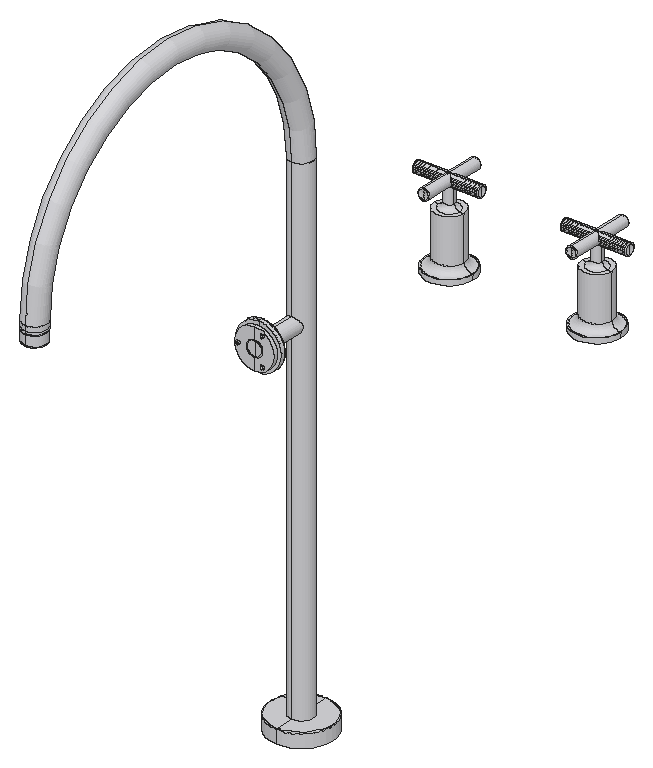
Revit family "Faucet-Bath_Filler-KOHLER-LAMINAR-K-14403T_1", category Plumbing Fixtures, host Face, Revit 2017
Family settings
  Host = Face
  Round Connector Dimension = Use Diameter
  Part Type = Normal
  OmniClass Number = 23.31.11.00
  OmniClass Title = Faucets
  Cut with Voids When Loaded = No
  Shared = No
  Room Calculation Point = No
Parameters (values of type "Cross Handle, CP-Polished Chrome")
  Width [instance] = Faucet To Handle Distance  # 12"
  WaterSense Certified = 1 = 0  # no
  Waste Water Outlet = "Waste Water Outlet"  # constant formula
  Waste Connection = 1 = 0  # no
  Vent Connection = 1 = 0  # no
  URL = "http://www.kohler.com.cn/"
  Type = 1
  Spout Reach = 18 1/32"  # constant formula
  Product Page URL = "https://www.kohler.com.cn/product/K-14403T-3-CP/K-14403T-3-CP/"
  Product Name = "LAMINAR"  # constant formula
  Product Documentation Link = "https://files.kohler.com.cn/pdfs/1535707264624_14401%2014403T.pdf"
  Pressure = 0.00 psi
  Model = if(Type = 1, "K-14403T-3-CP", if(Type = 2, "K-14403T-4-CP", "NA"))  # "K-14403T-3-CP"
  Material = "Premium Metal Construction"  # constant formula
  Master Format 2014 Name = "Residential Faucets, Supplies, and Trim"  # constant formula
  Master Format 2014 = "22 41 39"  # constant formula
  Manufacturer Address = "Kohler Beijing Office (100016)36-2-03-B, No. 88, Liuxiang Road, Beijing"  # constant formula
  Manufacturer = "KOHLER Co."  # constant formula
  Lever Handle = Type = 2  # no
  Length = Spout Reach  # 18 1/32"
  Hot Water Inlet = "Hot Water Inlet"  # constant formula
  Height = 37 95/256"  # constant formula
  Handle Clearance = if(Lever Handle, 2 5/8", 1 3/4")  # 1 3/4"
  HW Connection = 1 = 1  # yes
  Flow Rate = 0 GPM
  Finish = Kohler-Metal-CP-Polished_Chrome
  Faucet To Handle Distance [instance] = 12"
  Faucet Hole Spacing [instance] = 8"
  Environmental Product Declaration = ""
  Drain Included = 1 = 0  # no
  Dist = if(Cross Handle, 1 3/4", 0")  # 1 3/4"
  Description = if(Type = 1, "Floor-standing bathtub faucet bathtub fixed cross handle", if(Type = 2, "Floor-standing bathtub faucet bathtub fixed lever handle", "NA"))  # "Floor-standing bathtub faucet bathtub fixed cross handle"
  Default Elevation = 0"
  Declare Label = ""
  Date Modified = "04/20/2021"  # constant formula
  Date Created = "04/20/2021"  # constant formula
  Cross Handle = Type = 1  # yes
  Copyright = "Copyright KOHLER Co."  # constant formula
  Contact Us = "http://www.kohler.com.cn/contact/contact-us/"
  Cold Water Inlet = "Cold Water Inlet"  # constant formula
  CW Connection = 1 = 1  # yes
  Floor to Handle Distance [instance] = 25"
  Assembly Code = "D2010"
  ADA Compliant = 1 = 0  # no
Types (3): name | Type | Product Page URL | Model | Lever Handle | Handle Clearance | Dist | Description | Cross Handle
  (no name) | 1 | "https://www.kohler.com.cn/product/K-14403T-3-CP/K-14403T-3-CP/" | "K-14403T-3-CP" | no | 1 3/4" | 1 3/4" | "Floor-standing bathtub faucet bathtub fixed cross handle" | yes
  Cross Handle, CP-Polished Chrome | 1 | "https://www.kohler.com.cn/product/K-14403T-3-CP/K-14403T-3-CP/" | "K-14403T-3-CP" | no | 1 3/4" | 1 3/4" | "Floor-standing bathtub faucet bathtub fixed cross handle" | yes
  Lever Handle, CP-Polished Chrome | 2 | "" | "K-14403T-4-CP" | yes | 2 5/8" | 0" | "Floor-standing bathtub faucet bathtub fixed lever handle" | no
Reference planes (in)
  plane 1 "Center (Front/Back)": y = 0
  plane 2: z = 0
  plane 3 "Center (Left/Right)": x = 0
  plane 4: y = 1.69
  plane 5: y = 1.27865
  plane 6: y = -1.69
  plane 7: y = -1.27865
  plane 8: y = -18.03125
  plane 9: z = 26.72843
  plane 10: z = 19.8
  plane 11: z = 37.37109
  plane 12: x = -0.86224
  plane 13: x = -1.28
  plane 14: x = 0.86224
  plane 15: x = 1.28
  plane 16: y = 0.80012
  plane 17: y = -0.80012
  plane 18: x = -0.62564
  plane 19: x = 0.62564
  plane 20: x = 12
  plane 21: z = 25
  plane 22: x = 8
  plane 23: x = 16
  plane 24: x = 6.25
  plane 25: x = 17.75
  plane 26: y = 0.30065
  plane 27: y = -0.30065
  plane 28: z = 29.76199
  plane 29: y = -3.15
  plane 30: z = 0.75
  plane 31: y = -0.62533
  plane 32: y = 0.62533
  plane 33: z = 21.045
  plane 34: z = 18.555
  plane 35: z = 20.2425
  plane 36: z = 19.36732
  plane 37: z = 25.27
  plane 38: z = 29.16216
  plane 39: z = 36.11724
  plane 40: y = -18.65683
  plane 41: z = 28.062
  plane 42: x = -1.69
  plane 43: x = 6.72006
  plane 44: x = 9.27994
  plane 45: x = 17.27994
  plane 46: x = 14.72006
Dimensions and locks (in)
  plane 9 to host face = 26.72843"
  equal spacing: plane 22, plane 20, plane 23
  "Handle Clearance": plane 24 to plane 22
  "Handle Clearance": plane 23 to plane 25
  "Faucet Hole Spacing": plane 22 to plane 23
  "Floor to Handle Distance": plane 21 to level
  plane 5 to plane 7 = 2.55729"
  locked: plane 28 to plane 21 at 4.76199
  "Spout Reach": nested 1 to plane 8
  plane 11 to level = 37 95/256"
  "Length": plane 1 "Center (Front/Back)" to plane 8
  plane 4 to plane 40 = 20.34683"
  locked: plane 38 to plane 21 at 4.16216
  locked: plane 41 to plane 21 at 3.062
  "Faucet To Handle Distance": plane 20 to plane 3 "Center (Left/Right)"
  equal spacing: plane 43, plane 22, plane 44
  equal spacing: plane 46, plane 23, plane 45
  locked: plane 43 to plane 44 at 2.55988
  locked: plane 46 to plane 45 at 2.55988
  "Height": plane 11 to level
  aligned and locked: plane 2 to host face
  aligned and locked: level to host face
  aligned and locked: plane 21 to nested 3
  aligned and locked: nested 2 to plane 21
  aligned and locked: nested 2 to plane 22
  aligned and locked: nested 3 to plane 23
Automatic sketch dimensions
  host sketch curve to host sketch curve = 96"  (x2)
Nested families (in)
  nested 1: "K-14403T" at (0, 0, 0), type "K-14403T"
  nested 2: "K-14403T_Handle" at (8, 0, 25), type "K-14403T_Handle"
    with Lever Handle no
  nested 3: "K-14403T_Handle" at (16, 0, 25) x (-1, 0, 0) z (0, 0, 1), type "K-14403T_Handle"
    with Lever Handle no
Connectors (in)
  piping at (8, 0, 25), diameter 0.5, driven by "Flow Rate", driven by "Pressure", driven by "HW Connection", driven by "Hot Water Inlet"
    settings: on nested 2, index 1, connector inside diameter 24", connector length 0", flow factor 0, pipe flow 0 GPM, pressure drop 0.00 psi, fitting loss kfactor 0, connector angle 0.00°, fixture units 0, engagement length 0", angle of deflection 0.00°, flow configuration 0, flow direction 1, fitting loss method 0, system type 19, joint type 0, gender type 0, connector reference index -1, connector utility 1, adjustable connector no, is connector primary yes, connector description "Hot Water Inlet"
  piping at (16, 0, 25), diameter 0.5, driven by "Flow Rate", driven by "Pressure", driven by "CW Connection", driven by "Cold Water Inlet"
    settings: on nested 3, index 2, connector inside diameter 24", connector length 0", flow factor 0, pipe flow 0 GPM, pressure drop 0.00 psi, fitting loss kfactor 0, connector angle 0.00°, fixture units 0, engagement length 0", angle of deflection 0.00°, flow configuration 0, flow direction 1, fitting loss method 0, system type 20, joint type 0, gender type 0, connector reference index -1, connector utility 1, adjustable connector no, is connector primary no, connector description "Cold Water Inlet"
Definition of nested family "K-14403T"
  Parameters (values of type "K-14403T")
    Material = none
  Reference planes (in)
    plane 1 "Center (Front/Back)": y = 0
    plane 2: z = 0
    plane 3 "Center (Left/Right)": x = 0
    plane 4: y = 1.69
    plane 5: y = 0.62533
    plane 6: y = 1.66068
    plane 7: y = -2.65
    plane 8: y = -2.67898
    plane 9: y = -2.9
    plane 10: y = -3
    plane 11: y = -3.15
    plane 12: y = -18.65683
    plane 13: x = -1.69
    plane 14: x = -0.62473
    plane 15: x = 0.62473
    plane 16: x = 1.66068
    plane 17: x = -1.66068
    plane 18: x = 1.69
    plane 19: x = -1.245
    plane 20: x = -1.075
    plane 21: x = 1.075
    plane 22: x = 1.245
    plane 23: z = 37.36943
    plane 24: z = 27.72753
    plane 25: z = 27.52968
    plane 26: z = 27.47834
    plane 27: z = 27.33319
    plane 28: z = 27.29843
    plane 29: z = 26.75793
    plane 30: z = 21.045
    plane 31: z = 20.875
    plane 32: z = 20.2425
    plane 33: z = 20.19618
    plane 34: z = 20.23268
    plane 35: z = 19.40382
    plane 36: z = 19.3575
    plane 37: z = 18.725
    plane 38: z = 19.36732
    plane 39: z = 26.72843
    plane 40: z = 18.555
    plane 41: z = 0.75
    plane 42: z = 0.72004
    plane 43: z = 20.2355
    plane 44: z = 19.3645
    plane 45: z = 19.8
    plane 46: y = -18.0315
    plane 47: y = -17.4065
    plane 48: y = -0.62533
    plane 49: z = 36.11724
    plane 50: y = -1.69
  Forms (in)
    Revolve 1, solid, material <- "Material", detail levels medium+fine
      sketch origin (0, 0, 0) x (0, 1, 0) y (0, 0, 1)
        loop
          line (-1.69, 0) -> (0, 0) -> (0, 0.75) -> (-1.65865, 0.75)
          arc (-1.65865, 0.75) -> (-1.68082, 0.74082) -> (-1.69, 0.71865) r 0.03135
          line (-1.69, 0.71865) -> (-1.69, 0)
        axis (0, 0) -> (0, 0.75)
      angle from 0 to 360
    Sweep 2, solid, material <- "Material", detail levels medium+fine
      path origin (0, 0, 0) x (0, 1, 0) y (0, 0, 1)
        loop
          line (0, 0.75) -> (0, 27.72834)
          arc (0, 27.72834) -> (-9.01575, 36.74409) -> (-18.0315, 27.72834) r 9.01575
          line (-18.0315, 27.72834) -> (-18.0315, 27.47834)
      profile origin (0, 0, 14.23917) x (0, -1, 0) y (1, 0, 0)
        loop
          circle (0, 0) r 0.62533
    Revolve 3, solid, material <- "Material", detail levels medium+fine
      sketch origin (0, 0, 0) x (0, 1, 0) y (0, 0, 1)
        loop
          line (-3.15, 20.875) -> (-3.15, 20.2425) -> (-3.10368, 20.2425) -> (-3.15, 20.19618) -> (-3.15, 19.8) -> (-0.00874, 19.8) -> (-0.00874, 20.2355) -> (-2.65, 20.2355) -> (-2.65, 21.01364)
          arc (-2.65, 21.01364) -> (-2.65918, 21.03582) -> (-2.68136, 21.045) r 0.03136
          line (-2.68136, 21.045) -> (-2.9, 21.045) -> (-2.9, 20.2355) -> (-3, 20.2355) -> (-3, 20.875) -> (-3.15, 20.875)
        axis (-0.00874, 19.8) -> (-3.15, 19.8)
      angle from 0 to 360
    Extrusion 4, void
      sketch origin (0, 0, 0) x (1, 0, 0) y (0, 0, 1)
        loop
          circle (0.43719, 20.55811) r 0.13521
        loop
          circle (-0.87451, 19.79979) r 0.13521
        loop
          circle (0.43747, 19.04246) r 0.13521
      from 3.08057 to 3.19919
    Revolve 5, solid, material <- "Material", detail levels medium+fine
      sketch origin (0, -0.00018, 0) x (0, 1, 0) y (0, 0, 1)
        loop
          line (-18.0315, 26.72843) -> (-17.42154, 26.72843) -> (-17.41138, 26.75793) -> (-17.41138, 27.29843) -> (-17.4065, 27.33319) -> (-17.4065, 27.47834) -> (-18.0315, 27.47834) -> (-18.0315, 26.72843)
        axis (-18.0315, 27.47834) -> (-18.0315, 26.72843)
      angle from 0 to 360
    Extrusion 6, solid, material <- "Material", detail levels coarse
      sketch origin (0, 0, 0) x (1, 0, 0) y (0, 1, 0)
        loop
          circle (0, 0) r 2
      from 0 to 1.63503
    Sweep 7, solid, material <- "Material", detail levels coarse
      path origin (0, 0, 0) x (0, 1, 0) y (0, 0, 1)
        loop
          line (0, 0.75) -> (0, 27.72834)
          arc (0, 27.72834) -> (-9.01575, 36.74409) -> (-18.0315, 27.72834) r 9.01575
          line (-18.0315, 27.72834) -> (-18.0315, 26.47834)
      profile origin (0, 0, 14.23917) x (0, -1, 0) y (1, 0, 0)
        loop
          circle (0, 0) r 0.75
    Revolve 8, solid, material <- "Material", detail levels coarse
      sketch origin (0, 0, 0) x (0, 1, 0) y (0, 0, 1)
        loop
          line (-3.275, 19.8) -> (-0.00874, 19.8) -> (-0.00874, 20.298) -> (-2.5875, 20.298) -> (-2.5875, 21.045) -> (-3.275, 21.045) -> (-3.275, 19.8)
        axis (-0.00874, 19.8) -> (-3.275, 19.8)
      angle from 0 to 360
  Cuts and joins
    Extrusion 4 cuts Revolve 3
    joined: Revolve 1, Sweep 2, Revolve 3
    joined: Extrusion 6, Sweep 7, Revolve 8
  Lines and regions (in)
    Masking region 1
      outline origin (0, 0, 0) x (1, 0, 0) y (0, 1, 0)
        loop
          arc (0, 1.69) -> (-1.6598, 0.31805) -> (-0.62473, -1.57029) r 1.69
          line (-0.62473, -1.57029) -> (-0.62473, -2.65) -> (-1.21557, -2.65)
          arc (-1.21557, -2.65) -> (-1.23638, -2.65862) -> (-1.245, -2.67943) r 0.02943
          line (-1.245, -2.67943) -> (-1.245, -2.9) -> (-0.62473, -2.9) -> (-0.62473, -3) -> (-1.075, -3) -> (-1.075, -3.15) -> (-0.62473, -3.15) -> (-0.62473, -18.03207)
          arc (-0.62473, -18.03207) -> (0, -18.6568) -> (0.62473, -18.03207) r 0.62473
          line (0.62473, -18.03207) -> (0.62473, -3.15) -> (1.075, -3.15) -> (1.075, -3) -> (0.62473, -3) -> (0.62473, -2.9) -> (1.245, -2.9) -> (1.245, -2.67943)
          arc (1.245, -2.67943) -> (1.23638, -2.65862) -> (1.21557, -2.65) r 0.02943
          line (1.21557, -2.65) -> (0.62473, -2.65) -> (0.62473, -1.57029)
          arc (0.62473, -1.57029) -> (1.6598, 0.31805) -> (0, 1.69) r 1.69
    Masking region 2
      outline origin (0, 0, 0) x (0, 1, 0) y (0, 0, 1)
        loop
          line (-1.69, 0) -> (0, 0) -> (1.69, 0) -> (1.69, 0.71865)
          arc (1.69, 0.71865) -> (1.68082, 0.74082) -> (1.65865, 0.75) r 0.03135
          line (1.65865, 0.75) -> (0.62533, 0.75) -> (0.62533, 27.72944)
          arc (0.62533, 27.72944) -> (-9.01558, 37.37035) -> (-18.6565, 27.72944) r 9.64091
          line (-18.6565, 27.72944) -> (-18.6565, 26.77212) -> (-18.64145, 26.72843) -> (-17.42154, 26.72843) -> (-17.4065, 26.77212) -> (-17.4065, 27.72759)
          arc (-17.4065, 27.72759) -> (-9.01591, 36.11817) -> (-0.62533, 27.72759) r 8.39058
          line (-0.62533, 27.72759) -> (-0.62533, 20.2355) -> (-2.65, 20.2355) -> (-2.65, 21.01364)
          arc (-2.65, 21.01364) -> (-2.65918, 21.03582) -> (-2.68136, 21.045) r 0.03136
          line (-2.68136, 21.045) -> (-2.9, 21.045) -> (-2.9, 20.2355) -> (-3, 20.2355) -> (-3, 20.875) -> (-3.15, 20.875) -> (-3.15, 20.2425) -> (-3.10368, 20.2425) -> (-3.15, 20.19618) -> (-3.15, 19.40382) -> (-3.10368, 19.3575) -> (-3.15, 19.3575) -> (-3.15, 18.725) -> (-3, 18.725) -> (-3, 19.3645) -> (-2.9, 19.3645) -> (-2.9, 18.555) -> (-2.68136, 18.555)
          arc (-2.68136, 18.555) -> (-2.65918, 18.56418) -> (-2.65, 18.58636) r 0.03136
          line (-2.65, 18.58636) -> (-2.65, 19.3645) -> (-0.62533, 19.3645) -> (-0.62533, 0.75) -> (-1.65865, 0.75)
          arc (-1.65865, 0.75) -> (-1.68082, 0.74082) -> (-1.69, 0.71865) r 0.03135
          line (-1.69, 0.71865) -> (-1.69, 0)
    Masking region 3
      outline origin (0, 0, 0) x (1, 0, 0) y (0, 0, 1)
        loop
          line (-1.69, 0) -> (0, 0) -> (1.69, 0) -> (1.69, 0.72005)
          arc (1.69, 0.72005) -> (1.68123, 0.74123) -> (1.66005, 0.75) r 0.02995
          line (1.66005, 0.75) -> (0.62533, 0.75) -> (0.62533, 18.72344)
          arc (0.62533, 18.72344) -> (1.245, 19.8) -> (0.62533, 20.87656) r 1.245
          line (0.62533, 20.87656) -> (0.62533, 36.7441)
          arc (0.62533, 36.7441) -> (0, 37.36943) -> (-0.62533, 36.7441) r 0.62533
          line (-0.62533, 36.7441) -> (-0.62533, 20.87656)
          arc (-0.62533, 20.87656) -> (-1.245, 19.8) -> (-0.62533, 18.72344) r 1.245
          line (-0.62533, 18.72344) -> (-0.62533, 0.75) -> (-1.66005, 0.75)
          arc (-1.66005, 0.75) -> (-1.68123, 0.74123) -> (-1.69, 0.72005) r 0.02995
          line (-1.69, 0.72005) -> (-1.69, 0)
    symbolic lines, detail levels medium+fine
      curve 1: arc (-0.62473, -1.53869, 0) -> (0, 1.66068, 0) -> (0.62473, -1.53869, 0) r 1.66068
      curve 2: line (-0.62473, -1.57029, 0) -> (-0.62473, 0.0017, 0)
      curve 3: line (0.62473, -1.57029, 0) -> (0.62473, 0.0017, 0)
      curve 4: arc (0.62473, 0.0017, 0) -> (0, 0.62643, 0) -> (-0.62473, 0.0017, 0) r 0.62473
      curve 5: line (-0.62473, -2.67898, 0) -> (-1.245, -2.67898, 0)
      curve 6: line (0.62473, -2.68025, 0) -> (1.245, -2.68025, 0)
      curve 7: line (-0.62473, -2.9, 0) -> (-0.62473, -2.65, 0)
      curve 8: line (0.62473, -2.9, 0) -> (0.62473, -2.65, 0)
      curve 9: line (0.62473, -3.15, 0) -> (0.62473, -3, 0)
      curve 10: line (-0.62473, -3.15, 0) -> (-0.62473, -3, 0)
      curve 11: line (0, 0.625, 19.2) -> (0, -0.625, 19.2)
      curve 12: line (0, -0.751, 19.3675) -> (0, -0.751, 20.2325)
      curve 13: arc (0, -0.62799, 19.3645) -> (0, -0.44729, 19.8) -> (0, -0.62799, 20.2355) r 0.61516
      curve 14: line (0, -2.65, 19.3645) -> (0, -2.65, 20.2355)
      curve 15: line (0, -2.68, 18.55508) -> (0, -2.68, 21.04498)
      curve 16: line (0, -2.9, 19.3645) -> (0, -2.9, 20.2355)
      curve 17: line (0, -3, 19.3645) -> (0, -3, 20.2355)
      curve 18: arc (0, -3, 19.66428) -> (0, -3.04197, 19.80008) -> (0, -3, 19.93587) r 0.24067
      curve 19: line (0, 0.62489, 27.73016) -> (0, -0.62511, 27.73016)
      curve 20: line (0, -18.65674, 27.72756) -> (0, -17.40674, 27.72756)
      curve 21: line (0, -17.4065, 27.52968) -> (0, -18.6565, 27.52968)
      curve 22: line (0, -18.65683, 27.47834) -> (0, -17.4065, 27.47834)
      curve 23: line (0, -17.4065, 27.33319) -> (0, -18.6565, 27.33319)
      curve 24: line (0, -18.6565, 27.29843) -> (0, -17.4065, 27.29843)
      curve 25: line (0, -17.41138, 26.75793) -> (0, -18.65161, 26.75793)
      curve 26: line (0, 0.62533, 0.75) -> (0, -0.62533, 0.75)
      curve 27: line (0, 1.69, 0.71865) -> (0, -1.69, 0.71865)
      curve 28: arc (0.62533, 0, 20.87656) -> (0, 0, 21.045) -> (-0.62533, 0, 20.87656) r 1.245
      curve 29: arc (-0.62533, 0, 18.72344) -> (0, 0, 18.555) -> (0.62533, 0, 18.72344) r 1.245
      curve 30: arc (0, 0, 20.875) -> (-1.075, 0, 19.8) -> (0, 0, 18.725) r 1.075
      curve 31: arc (0, 0, 18.725) -> (1.075, 0, 19.8) -> (0, 0, 20.875) r 1.075
      curve 32: arc (0, 0, 20.19618) -> (0.39618, 0, 19.8) -> (0, 0, 19.40382) r 0.39618
      curve 33: arc (0, 0, 19.40382) -> (-0.39618, 0, 19.8) -> (0, 0, 20.19618) r 0.39618
      curve 34: circle (0, 0, 19.8) r 0.43268 normal (0, -1, 0)
      curve 35: arc (0, 0, 19.3575) -> (0.4425, 0, 19.8) -> (0, 0, 20.2425) r 0.4425
      curve 36: arc (0, 0, 20.2425) -> (-0.4425, 0, 19.8) -> (0, 0, 19.3575) r 0.4425
      curve 37: arc (0.30198, 0, 20.55811) -> (0.43719, 0, 20.4229) -> (0.5724, 0, 20.55811) r 0.13521
      curve 38: arc (0.5724, 0, 20.55811) -> (0.43719, 0, 20.69332) -> (0.30198, 0, 20.55811) r 0.13521
      curve 39: arc (-0.7393, 0, 19.79979) -> (-0.87451, 0, 19.935) -> (-1.00972, 0, 19.79979) r 0.13521
      curve 40: arc (-1.00972, 0, 19.79979) -> (-0.87451, 0, 19.66458) -> (-0.7393, 0, 19.79979) r 0.13521
      curve 41: arc (0.57268, 0, 19.04246) -> (0.43747, 0, 19.17767) -> (0.30226, 0, 19.04246) r 0.13521
      curve 42: arc (0.30226, 0, 19.04246) -> (0.43747, 0, 18.90725) -> (0.57268, 0, 19.04246) r 0.13521
      curve 43: line (-0.62533, 0, 0.75) -> (0.62467, 0, 0.75)
      curve 44: line (1.68991, 0, 0.72004) -> (-1.68988, 0, 0.72004)
      curve 45: line (-0.62533, 0, 27.47834) -> (0.62533, 0, 27.47834)
      curve 46: line (-0.625, 0, 27.29843) -> (0.625, 0, 27.29843)
      curve 47: line (-0.625, 0, 27.29843) -> (0.625, 0, 27.29843)
      curve 48: line (0, 0, 26.72843) -> (-0.60995, 0, 26.72843)
      curve 49: line (0.60995, 0, 26.72843) -> (0, 0, 26.72843)
      curve 50: line (-0.62011, 0, 26.75793) -> (0.62011, 0, 26.75793)
      curve 51: line (0.62537, 0, 27.72753) -> (-0.62463, 0, 27.72753)
      curve 52: line (0.625, 0, 27.52968) -> (-0.62463, 0, 27.52968)
      curve 53: line (0.625, 0, 27.33319) -> (-0.625, 0, 27.33319)
      curve 54: line (-0.60995, 0, 26.72843) -> (-0.62533, 0, 26.77307)
      curve 55: line (0.60995, 0, 26.72843) -> (0.62533, 0, 26.77308)
  Dimensions and locks (in)
    aligned and locked: plane 2 to level
Definition of nested family "K-14403T_Handle"
  Parameters (values of type "14428M_Lever")
    Material = none
    Lever Handle = yes
    Croos Handle = yes
  Reference planes (in)
    plane 1 "Center (Front/Back)": y = 0
    plane 2: z = 0
    plane 3 "Center (Left/Right)": x = 0
    plane 4: x = -1.75183
    plane 5: x = 1.74997
    plane 6: x = -2.63856
    plane 7: x = -1.27994
    plane 8: x = 1.27994
    plane 9: z = 4.76199
    plane 10: y = 1.74997
    plane 11: y = 1.27994
    plane 12: y = -1.74997
    plane 13: y = -1.27994
    plane 14: z = 0
    plane 15: y = 0.30065
    plane 16: y = -0.30065
    plane 17: z = 4.16216
    plane 18: z = 3.062
    plane 19: z = 0.27
    plane 20: x = -0.30064
    plane 21: x = 0.30064
    plane 22: x = 1.35254
    plane 23: x = -0.79998
    plane 24: x = 0.79998
    plane 25: y = 0.25999
    plane 26: y = -0.26005
    plane 27: y = 0.79999
    plane 28: y = -0.79998
    plane 29: x = -0.26002
    plane 30: x = 0.26002
  Forms (in)
    Revolve 1, solid, material <- "Material", detail levels medium+fine
      sketch origin (0, 0, 0) x (1, 0, 0) y (0, 0, 1)
        loop
          line (0, 0) -> (0, 4.312) -> (-0.26, 4.312) -> (-0.26, 3.342)
          arc (-0.26, 3.342) -> (-0.34201, 3.14401) -> (-0.54, 3.062) r 0.28
          line (-0.54, 3.062) -> (-0.8, 3.062) -> (-0.8, 0.69065)
          arc (-0.8, 0.69065) -> (-0.9232, 0.3932) -> (-1.22065, 0.27) r 0.42065
          line (-1.22065, 0.27) -> (-1.27994, 0.27) -> (-1.27994, 0) -> (0, 0)
        axis (0, 4.312) -> (0, 0)
      angle from 0 to 360
    Revolve 2, solid, material <- "Material", visible <- "Lever Handle", detail levels medium+fine
      sketch origin (0, 0, 0) x (1, 0, 0) y (0, 0, 1)
        loop
          line (-2.58806, 4.46162) -> (1.30202, 4.46162)
          arc (1.30202, 4.46162) -> (1.31516, 4.59815) -> (1.35009, 4.73078) r 0.84963
          arc (1.35009, 4.73078) -> (1.3471, 4.7521) -> (1.32798, 4.76199) r 0.02344
          line (1.32798, 4.76199) -> (-2.61401, 4.76199)
          arc (-2.61401, 4.76199) -> (-2.63314, 4.7521) -> (-2.63612, 4.73078) r 0.02344
          arc (-2.63612, 4.73078) -> (-2.60119, 4.59815) -> (-2.58806, 4.46162) r 0.84963
        axis (-2.63612, 4.46162) -> (1.35009, 4.46162)
      angle from 0 to 360
    Revolve 3, solid, material <- "Material", visible <- "Croos Handle", detail levels medium+fine
      sketch origin (0, 0, 0) x (1, 0, 0) y (0, 0, 1)
        loop
          line (0, 4.76199) -> (-1.72749, 4.76199)
          arc (-1.72749, 4.76199) -> (-1.74666, 4.75204) -> (-1.74955, 4.73064) r 0.02344
          arc (-1.74955, 4.73064) -> (-1.71448, 4.59837) -> (-1.70241, 4.46206) r 0.80184
          line (-1.70241, 4.46206) -> (1.7024, 4.46206)
          arc (1.7024, 4.46206) -> (1.71448, 4.59837) -> (1.74955, 4.73064) r 0.80184
          arc (1.74955, 4.73064) -> (1.74666, 4.75204) -> (1.72749, 4.76199) r 0.02344
          line (1.72749, 4.76199) -> (0, 4.76199)
        axis (-1.74955, 4.46206) -> (1.74955, 4.46206)
      angle from 0 to 360
    Revolve 4, solid, material <- "Material", visible <- "Croos Handle", detail levels medium+fine
      sketch origin (0, 0, 0) x (0, 1, 0) y (0, 0, 1)
        loop
          line (0, 4.76199) -> (-1.72749, 4.76199)
          arc (-1.72749, 4.76199) -> (-1.74666, 4.75204) -> (-1.74955, 4.73064) r 0.02344
          arc (-1.74955, 4.73064) -> (-1.71448, 4.59837) -> (-1.70241, 4.46206) r 0.80184
          line (-1.70241, 4.46206) -> (1.7024, 4.46206)
          arc (1.7024, 4.46206) -> (1.71448, 4.59837) -> (1.74955, 4.73064) r 0.80184
          arc (1.74955, 4.73064) -> (1.74666, 4.75204) -> (1.72749, 4.76199) r 0.02344
          line (1.72749, 4.76199) -> (0, 4.76199)
        axis (-1.74955, 4.46206) -> (1.74955, 4.46206)
      angle from 0 to 360
    Revolve 5, solid, material <- "Material", detail levels coarse
      sketch origin (0, 0, 0) x (1, 0, 0) y (0, 0, 1)
        loop
          line (0, 0) -> (0, 4.312) -> (-0.26, 4.312) -> (-0.26, 3.062) -> (-0.8, 3.062) -> (-0.8, 0.27) -> (-1.27994, 0.27) -> (-1.27994, 0) -> (0, 0)
        axis (0, 4.312) -> (0, 0)
      angle from 0 to 360
    Revolve 6, solid, material <- "Material", visible <- "Lever Handle", detail levels coarse
      sketch origin (0, 0, 0) x (1, 0, 0) y (0, 0, 1)
        loop
          line (-2.63648, 4.46162) -> (1.34178, 4.46162) -> (1.34178, 4.76199) -> (-2.63648, 4.76199) -> (-2.63648, 4.46162)
        axis (-2.63648, 4.46162) -> (1.34178, 4.46162)
      angle from 0 to 360
    Revolve 7, solid, material <- "Material", visible <- "Croos Handle", detail levels coarse
      sketch origin (0.00433, 0.00433, 0) x (0, -1, 0) y (0, 0, 1)
        loop
          line (1.74997, 4.46206) -> (1.74997, 4.76199) -> (-1.7413, 4.76199) -> (-1.7413, 4.46206) -> (1.74997, 4.46206)
        axis (-1.7413, 4.46206) -> (1.74997, 4.46206)
      angle from 0 to 360
    Revolve 8, solid, material <- "Material", visible <- "Croos Handle", detail levels medium+fine
      sketch origin (0, 0, 0) x (-1, 0, 0) y (0, 0, 1)
        loop
          line (0, 4.76199) -> (-1.72749, 4.76199)
          arc (-1.72749, 4.76199) -> (-1.74666, 4.75204) -> (-1.74955, 4.73064) r 0.02344
          arc (-1.74955, 4.73064) -> (-1.71448, 4.59837) -> (-1.70241, 4.46206) r 0.80184
          line (-1.70241, 4.46206) -> (1.7024, 4.46206)
          arc (1.7024, 4.46206) -> (1.71448, 4.59837) -> (1.74955, 4.73064) r 0.80184
          arc (1.74955, 4.73064) -> (1.74666, 4.75204) -> (1.72749, 4.76199) r 0.02344
          line (1.72749, 4.76199) -> (0, 4.76199)
        axis (-1.74955, 4.46206) -> (1.74955, 4.46206)
      angle from 0 to 360
    Revolve 9, solid, material <- "Material", visible <- "Croos Handle", detail levels coarse
      sketch origin (0, 0, 0) x (1, 0, 0) y (0, 0, 1)
        loop
          line (1.74997, 4.46206) -> (1.74997, 4.76199) -> (-1.7413, 4.76199) -> (-1.7413, 4.46206) -> (1.74997, 4.46206)
        axis (-1.7413, 4.46206) -> (1.74997, 4.46206)
      angle from 0 to 360
    Extrusion 10, solid, material <- "Material", detail levels medium+fine
      sketch origin (0, 0, 0) x (1, 0, 0) y (0, 1, 0)
        loop
          circle (0, 0) r 0.25
      from 0 to 0.12087
  Lines and regions (in)
    Masking region 1
      outline origin (0, 0, 0) x (1, 0, 0) y (0, 0, 1)
        loop
          line (0, 0) -> (1.27994, 0) -> (1.27994, 0.27)
          arc (1.27994, 0.27) -> (0.93456, 0.38349) -> (0.79998, 0.72122) r 0.42945
          line (0.79998, 0.72122) -> (0.79998, 3.06216) -> (-0.79998, 3.06216) -> (-0.79998, 0.72122)
          arc (-0.79998, 0.72122) -> (-0.93456, 0.38349) -> (-1.27994, 0.27) r 0.42945
          line (-1.27994, 0.27) -> (-1.27994, 0) -> (0, 0)
    Masking region 2, visible <- "Croos Handle"
      outline origin (0, 0, 0) x (1, 0, 0) y (0, 0, 1)
        loop
          line (-0.26002, 4.16131) -> (-0.26002, 3.34142)
          arc (-0.26002, 3.34142) -> (-0.34181, 3.14395) -> (-0.53927, 3.06216) r 0.27926
          line (-0.53927, 3.06216) -> (0.53927, 3.06216)
          arc (0.53927, 3.06216) -> (0.34181, 3.14395) -> (0.26002, 3.34142) r 0.27926
          line (0.26002, 3.34142) -> (0.26002, 4.16131) -> (1.73221, 4.16131)
          arc (1.73221, 4.16131) -> (1.74608, 4.16705) -> (1.75183, 4.18093) r 0.01962
          line (1.75183, 4.18093) -> (1.75183, 4.74225)
          arc (1.75183, 4.74225) -> (1.74605, 4.75621) -> (1.73209, 4.76199) r 0.01974
          line (1.73209, 4.76199) -> (-1.73209, 4.76199)
          arc (-1.73209, 4.76199) -> (-1.74605, 4.75621) -> (-1.75183, 4.74225) r 0.01974
          line (-1.75183, 4.74225) -> (-1.75183, 4.18093)
          arc (-1.75183, 4.18093) -> (-1.74608, 4.16705) -> (-1.73221, 4.16131) r 0.01962
          line (-1.73221, 4.16131) -> (-0.26002, 4.16131)
    Masking region 3, visible <- "Croos Handle"
      outline origin (0, -0.00024, 0.00073) x (0, 1, 0) y (0, 0, 1)
        loop
          line (0.26023, 4.16143) -> (1.73242, 4.16143)
          arc (1.73242, 4.16143) -> (1.7463, 4.16718) -> (1.75204, 4.18105) r 0.01962
          line (1.75204, 4.18105) -> (1.75204, 4.74237)
          arc (1.75204, 4.74237) -> (1.74626, 4.75633) -> (1.7323, 4.76212) r 0.01974
          line (1.7323, 4.76212) -> (-1.73188, 4.76212)
          arc (-1.73188, 4.76212) -> (-1.74584, 4.75633) -> (-1.75162, 4.74237) r 0.01974
          line (-1.75162, 4.74237) -> (-1.75162, 4.18105)
          arc (-1.75162, 4.18105) -> (-1.74587, 4.16718) -> (-1.732, 4.16143) r 0.01962
          line (-1.732, 4.16143) -> (-0.25981, 4.16143) -> (-0.25981, 3.34068)
          arc (-0.25981, 3.34068) -> (-0.3416, 3.14322) -> (-0.53906, 3.06143) r 0.27926
          line (-0.53906, 3.06143) -> (0.53949, 3.06143)
          arc (0.53949, 3.06143) -> (0.34202, 3.14322) -> (0.26023, 3.34068) r 0.27926
          line (0.26023, 3.34068) -> (0.26023, 4.16143)
    Masking region 4
      outline origin (0, 0, 0) x (0, 1, 0) y (0, 0, 1)
        loop
          line (0, 0) -> (1.27994, 0) -> (1.27994, 0.27)
          arc (1.27994, 0.27) -> (0.94241, 0.39184) -> (0.79999, 0.72122) r 0.45208
          line (0.79999, 0.72122) -> (0.79999, 3.06216) -> (-0.79998, 3.06216) -> (-0.79998, 0.72122)
          arc (-0.79998, 0.72122) -> (-0.94241, 0.39184) -> (-1.27994, 0.27) r 0.45208
          line (-1.27994, 0.27) -> (-1.27994, 0) -> (0, 0)
    Masking region 5, visible <- "Lever Handle"
      outline origin (0, 0, 0) x (1, 0, 0) y (0, 0, 1)
        loop
          line (-0.26002, 4.16131) -> (-0.26002, 3.34142)
          arc (-0.26002, 3.34142) -> (-0.34181, 3.14395) -> (-0.53927, 3.06216) r 0.27926
          line (-0.53927, 3.06216) -> (0.53927, 3.06216)
          arc (0.53927, 3.06216) -> (0.34181, 3.14395) -> (0.26002, 3.34142) r 0.27926
          line (0.26002, 3.34142) -> (0.26002, 4.16131) -> (1.33291, 4.16131)
          arc (1.33291, 4.16131) -> (1.34678, 4.16705) -> (1.35253, 4.18093) r 0.01962
          line (1.35253, 4.18093) -> (1.35253, 4.74225)
          arc (1.35253, 4.74225) -> (1.34675, 4.75621) -> (1.33279, 4.76199) r 0.01974
          line (1.33279, 4.76199) -> (-2.61883, 4.76199)
          arc (-2.61883, 4.76199) -> (-2.63279, 4.75621) -> (-2.63857, 4.74225) r 0.01974
          line (-2.63857, 4.74225) -> (-2.63857, 4.18093)
          arc (-2.63857, 4.18093) -> (-2.63283, 4.16705) -> (-2.61895, 4.16131) r 0.01962
          line (-2.61895, 4.16131) -> (-0.26002, 4.16131)
    Masking region 6, visible <- "Croos Handle"
      outline origin (0, 0, 0) x (1, 0, 0) y (0, 1, 0)
        loop
          arc (-0.30002, 1.24428) -> (-0.90482, 0.90528) -> (-1.24413, 0.30065) r 1.27994
          line (-1.24413, 0.30065) -> (-1.73228, 0.30065)
          arc (-1.73228, 0.30065) -> (-1.74619, 0.29489) -> (-1.75195, 0.28098) r 0.01967
          line (-1.75195, 0.28098) -> (-1.75195, 0) -> (-1.75195, -0.28098)
          arc (-1.75195, -0.28098) -> (-1.74619, -0.29489) -> (-1.73228, -0.30065) r 0.01967
          line (-1.73228, -0.30065) -> (-1.24413, -0.30065)
          arc (-1.24413, -0.30065) -> (-0.90482, -0.90528) -> (-0.30002, -1.24428) r 1.27994
          line (-0.30002, -1.24428) -> (-0.30002, -1.73245)
          arc (-0.30002, -1.73245) -> (-0.29426, -1.74635) -> (-0.28035, -1.75211) r 0.01966
          line (-0.28035, -1.75211) -> (0, -1.75211) -> (0.28035, -1.75211)
          arc (0.28035, -1.75211) -> (0.29426, -1.74635) -> (0.30002, -1.73245) r 0.01966
          line (0.30002, -1.73245) -> (0.30002, -1.24428)
          arc (0.30002, -1.24428) -> (0.90482, -0.90528) -> (1.24413, -0.30065) r 1.27994
          line (1.24413, -0.30065) -> (1.73228, -0.30065)
          arc (1.73228, -0.30065) -> (1.74619, -0.29489) -> (1.75195, -0.28098) r 0.01967
          line (1.75195, -0.28098) -> (1.75195, 0) -> (1.75195, 0.28098)
          arc (1.75195, 0.28098) -> (1.74619, 0.29489) -> (1.73228, 0.30065) r 0.01967
          line (1.73228, 0.30065) -> (1.24413, 0.30065)
          arc (1.24413, 0.30065) -> (0.90482, 0.90528) -> (0.30002, 1.24428) r 1.27994
          line (0.30002, 1.24428) -> (0.30002, 1.73245)
          arc (0.30002, 1.73245) -> (0.29426, 1.74635) -> (0.28035, 1.75211) r 0.01966
          line (0.28035, 1.75211) -> (0, 1.75211) -> (-0.28035, 1.75211)
          arc (-0.28035, 1.75211) -> (-0.29426, 1.74635) -> (-0.30002, 1.73245) r 0.01966
          line (-0.30002, 1.73245) -> (-0.30002, 1.24428)
    Masking region 7, visible <- "Lever Handle"
      outline origin (0, 0, 0) x (1, 0, 0) y (0, 1, 0)
        loop
          line (-1.24413, 0.30065) -> (-2.61889, 0.30065)
          arc (-2.61889, 0.30065) -> (-2.6328, 0.29489) -> (-2.63856, 0.28098) r 0.01967
          line (-2.63856, 0.28098) -> (-2.63856, 0) -> (-2.63856, -0.28098)
          arc (-2.63856, -0.28098) -> (-2.6328, -0.29489) -> (-2.61889, -0.30065) r 0.01967
          line (-2.61889, -0.30065) -> (-1.24413, -0.30065)
          arc (-1.24413, -0.30065) -> (0, -1.27994) -> (1.24413, -0.30065) r 1.27994
          line (1.24413, -0.30065) -> (1.33287, -0.30065)
          arc (1.33287, -0.30065) -> (1.34677, -0.29489) -> (1.35254, -0.28098) r 0.01967
          line (1.35254, -0.28098) -> (1.35254, 0) -> (1.35254, 0.28098)
          arc (1.35254, 0.28098) -> (1.34677, 0.29489) -> (1.33287, 0.30065) r 0.01967
          line (1.33287, 0.30065) -> (1.24413, 0.30065)
          arc (1.24413, 0.30065) -> (0, 1.27994) -> (-1.24413, 0.30065) r 1.27994
    Masking region 8, visible <- "Lever Handle"
      outline origin (0, 0, 0) x (0, 1, 0) y (0, 0, 1)
        loop
          arc (0.26, 4.31252) -> (0, 4.76199) -> (-0.26, 4.31252) r 0.29994
          line (-0.26, 4.31252) -> (-0.26, 3.3446)
          arc (-0.26, 3.3446) -> (-0.34277, 3.14477) -> (-0.5426, 3.062) r 0.2826
          line (-0.5426, 3.062) -> (0.5426, 3.062)
          arc (0.5426, 3.062) -> (0.34277, 3.14477) -> (0.26, 3.3446) r 0.2826
          line (0.26, 3.3446) -> (0.26, 4.31252)
    symbolic lines, visible <- "Croos Handle", detail levels medium+fine
      curve 1: circle (0, 0, 4.46206) r 0.29994 normal (0, -1, 0)
      curve 2: circle (0, 0, 4.46206) r 0.26973 normal (0, 1, 0)
      curve 3: circle (0, 0, 4.46162) r 0.30037 normal (-1, 0, 0)
      curve 4: circle (0, 0, 4.46162) r 0.27016 normal (1, 0, 0)
      curve 5: line (-0.30064, 1.24413, 0) -> (-0.30064, 0.30269, 0)
      curve 6: line (-0.30064, 0.30269, 0) -> (-1.24363, 0.30269, 0)
      curve 7: line (0.30064, 1.24413, 0) -> (0.30064, 0.30269, 0)
      curve 8: line (0.30064, 0.30269, 0) -> (1.24363, 0.30269, 0)
      curve 9: line (-0.30064, -1.24413, 0) -> (-0.30064, -0.30269, 0)
      curve 10: line (-0.30064, -0.30269, 0) -> (-1.24363, -0.30269, 0)
      curve 11: line (0.30064, -1.24413, 0) -> (0.30064, -0.30269, 0)
      curve 12: line (0.30064, -0.30269, 0) -> (1.24363, -0.30269, 0)
      curve 13: arc (0.30064, 0.74136, 0) -> (0.5649, 0.56647, 0) -> (0.74053, 0.30269, 0) r 0.8
      curve 14: arc (0.74053, -0.30269, 0) -> (0.5649, -0.56647, 0) -> (0.30064, -0.74136, 0) r 0.8
      curve 15: arc (-0.74053, 0.30269, 0) -> (-0.5649, 0.56647, 0) -> (-0.30064, 0.74136, 0) r 0.8
      curve 16: arc (-0.30064, -0.74136, 0) -> (-0.5649, -0.56647, 0) -> (-0.74053, -0.30269, 0) r 0.8
      curve 21: line (-0.26002, 0, 4.16131) -> (-0.18394, 0, 4.22514)
      curve 22: line (0.26002, 0, 4.16131) -> (0.18394, 0, 4.22514)
      curve 25: line (0, 0.25999, 4.16216) -> (0, 0.18367, 4.22396)
      curve 26: line (0, -0.25999, 4.16216) -> (0, -0.18367, 4.22396)
      curve 27: line (-0.30064, 0.30269, 0) -> (0.30064, -0.30269, 0)
      curve 28: line (-0.30064, -0.30269, 0) -> (0.30064, 0.30269, 0)
    symbolic lines, visible <- "Lever Handle", detail levels medium+fine
      curve 17: arc (-0.74136, 0.30065, 0) -> (0, 0.8, 0) -> (0.74136, 0.30065, 0) r 0.8
      curve 18: arc (0.74136, -0.30065, 0) -> (0, -0.8, 0) -> (-0.74136, -0.30065, 0) r 0.8
      curve 19: line (1.24486, 0.30065, 0) -> (-1.24428, 0.30065, 0)
      curve 20: line (1.24486, -0.30065, 0) -> (-1.24487, -0.30065, 0)
      curve 29: arc (-0.26002, 0, 4.16131) -> (0, 0, 4.28278) -> (0.26002, 0, 4.16131) r 0.33904
      curve 30: arc (0, 0.26, 4.31252) -> (0, 0, 4.16212) -> (0, -0.26, 4.31252) r 0.29994
    symbolic lines, detail levels medium+fine
      curve 23: line (-1.22871, 0, 0.26693) -> (1.22871, 0, 0.26693)
      curve 24: line (0, 1.22871, 0.27) -> (0, -1.22871, 0.27)
  Dimensions and locks (in)
    aligned and locked: plane 2 to level
